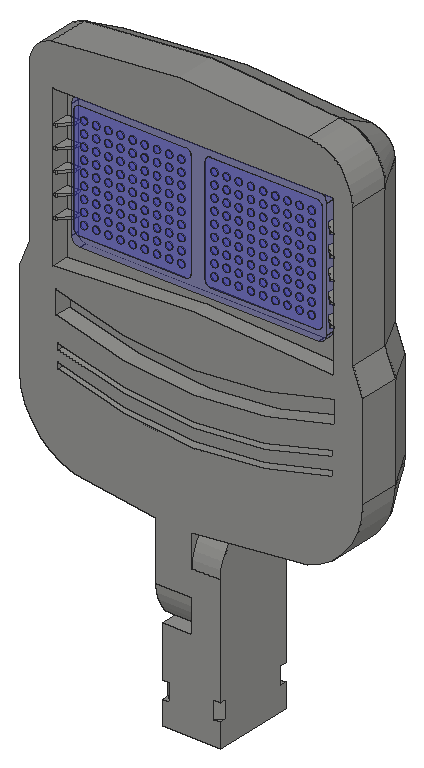
Revit family "VP-1_K", category Lighting Fixtures, host Face, Revit 2019
Family settings
  Host = Face
  Round Connector Dimension = Use Diameter
  Part Type = Normal
  OmniClass Number = 23.80.70.11.14.17
  OmniClass Title = Direct/Indirect
  Cut with Voids When Loaded = No
  Light Source = No
  Shared = Yes
  Room Calculation Point = No
Parameters (values of type "VP-1-K")
  Wattage Comments = "97.2W"
  Warranty = "Five year warranty"  # constant formula
  Voltage = 120 V
  URL = "https://www.currentlighting.com/beacon"
  Type Comments = "Lighting Fixture"  # constant formula
  Product Page URL = "https://www.currentlighting.com/outdoor-lighting/viper-area-size-1/9606403"
  Product Documentation Link = "https://cdn.currentlighting.com/site/specsheet/BEA_VIPERSPEC.pdf"
  Power Factor = 0.9
  Name = "Viper Area Size 1"  # constant formula
  Model = "VP-1-K"
  Matt Grey = MATT GREY
  Matt Black = Matt Black
  Manufacturer = "Current Lighting"  # constant formula
  Load Classification = Lighting
  Light Output = 6297.00 cd/m²
  Lamp = "LED"  # constant formula
  Grey = Grey
  Glass = Glass
  Features = "Featuring two different optical technologies, Micro Strike and Strike Optics, which provide the best distribution patterns for retrofit or new construction\r\nVibration rated for high vibration applications including bridges and overpasses\r\nControl options including photo control, occupancy sensing, NX Lighting Controls, wiSCAPE and 7-Pin with networked controls\r\nMounting options include: Arm, Universal Arm, Adjustable Arm, Mast Arm, Decorative Arm, Knuckle, Trunnion, Wall\r\nDistribution options include: Auto Front Row, Type 2, Type 3, Type 4 Forward, Type 4 Wide, Type 5 Narrow, Type 5 Medium, Type 5 Wide, Type 5 Rectangular, Corner Optic, and Tennis Court\r\n\r\n"  # constant formula
  Copyright = "© 2022 Current Lighting"  # constant formula
  Cool Grey = Cool Grey
  Contact Us = "https://www.currentlighting.com/contact-us"
  Certification = "UL"  # constant formula
  Description = "The Viper is an extremely versatile area/site luminaire which blends design, performance, and technology for a variety of applications."  # constant formula
  Default Elevation = 48.00"
  Finish = Arctic White
  Matt White = Matt White
  CRI = "70"  # constant formula
  Brand = "Beacon"  # constant formula
  Assembly Code = "D5020200"
  Apparent Load = 97.2 VA
Reference planes (in)
  plane 1 "Center (Front/Back)": y = 6.16697
  plane 2: z = 0
  plane 3 "Center (Left/Right)": x = 0
  plane 4: z = 3.75
  plane 5: z = -4.44
  plane 6: x = -1.75
  plane 7: x = 1.75
  plane 8: y = 4.41697
  plane 9: y = 7.91697
  plane 10: z = 120
Lines and regions (in)
  reference lines
    curve 1: line (0, 14.42606, -3.25) -> (0, 17.42606, -0.25)
    curve 2: line (0, -2.09213, -3.25) -> (0, 14.42606, -3.25)
    curve 3: line (0, -5.09213, -0.25) -> (0, -2.09213, -3.25)
    curve 4: line (0, 14.42606, -3.25) -> (0, 17.42606, -0.25)
    curve 5: line (0, -5.09213, -0.25) -> (0, 17.42606, -0.25)
    curve 6: line (0, 17.17606, -0.77432) -> (0, 17.92606, -0.77432)
    curve 7: line (0, 17.17606, -1.52432) -> (0, 17.17606, -0.77432)
    curve 8: line (0, 16.69614, -1.52432) -> (0, 17.17606, -1.52432)
    curve 9: line (0, 14.92606, -4.25) -> (0, 16.69614, -1.52432)
    curve 10: line (0, -4.3622, -1.52432) -> (0, -2.59213, -4.25)
    curve 11: line (0, -4.84213, -1.52432) -> (0, -4.3622, -1.52432)
    curve 12: line (0, -4.84213, -0.77432) -> (0, -4.84213, -1.52432)
    curve 13: line (0, -5.59213, -0.77432) -> (0, -4.84213, -0.77432)
Dimensions and locks (in)
  plane 4 to plane 2 = 3.75"
  plane 8 to plane 9 = 3.50"
  equal spacing: plane 8, plane 1 "Center (Front/Back)", plane 9
  equal spacing: plane 6, plane 3 "Center (Left/Right)", plane 7
  plane 6 to plane 7 = 3.50"
  plane 10 to plane 2 = 120.00"
  aligned and locked: plane 2 to host face
  aligned and locked: level to host face
  aligned and locked: plane 3 "Center (Left/Right)" to nested 1
  aligned and locked: plane 1 "Center (Front/Back)" to nested 1
Automatic sketch dimensions
  host sketch curve to host sketch curve = 96.00"
  host sketch curve to host sketch curve = 85.00"
  curve 3 to level = 0.25"
  plane 8 to curve 3 = 9.50909"
  curve 3 to curve 12 = 0.25"
  curve 11 to curve 11 = 0.47992"
  curve 2 to plane 5 = 1.19"
  curve 10 to curve 2 = 2.27008"
  curve 1 to plane 9 = 6.50909"
  curve 9 to level = 1.52432"
  curve 1 to curve 9 = 2.27008"
  curve 8 to curve 8 = 0.47992"
  curve 6 to curve 4 = 0.25"
  curve 10 to curve 3 = 1.27432"
  curve 7 to curve 1 = 0.52432"
  curve 12 to curve 3 = 0.52432"
  curve 13 to curve 3 = 0.50"
  curve 10 to plane 5 = 0.19"
  curve 10 to curve 2 = 0.50"
  curve 9 to plane 5 = 0.19"
  curve 1 to curve 9 = 0.50"
  curve 1 to curve 6 = 0.50"
Nested families (in)
  nested 1: "SIZE1-K" at (0, 6.16697, 0), type "SIZE1-K"
Connectors (in)
  electrical at (0, 6.16697, 0)
    settings: on nested 1, index 1, voltage 0 V, apparent load 0 VA, apparent load phase1 0 VA, apparent load phase2 0 VA, apparent load phase3 0 VA, power factor 1, load classification "Other", number of poles 1, system type 30, power factor state 1, is connector primary yes, connector utility no, sub classification motor no, connector description ""
Definition of nested family "SIZE1-K"
  Parameters (values of type "SIZE1-K")
    Width = 14.38"
    Wattage = 97.2 W
    built-in parameter 1150110 = 1 (stored number, unit not read)
    built-in parameter 1114217 = 1 (stored number, unit not read)
    Tilt Angle = 160.00°
    built-in parameter 1150109 = 1 (stored number, unit not read)
    built-in parameter 1150134 = 3
    built-in parameter 1150113 = 1 (stored number, unit not read)
    Photometric Web File = "VP-1-160L-100-3K7-4W-BC.ies"
    Mounting Block Width [instance] = 3.00"
    Mount Length = 8.30"
    built-in parameter 1150105 = 502.77 (stored number, unit not read)
    Lumens = 6318 lm
    built-in parameter 1150115 = 1 (stored number, unit not read)
    built-in parameter 1150137 = (empty or 0)
    built-in parameter 1150139 = (empty or 0)
    Length = 16.76"
    built-in parameter 1150112 = 1 (stored number, unit not read)
    built-in parameter 1150114 = 1 (stored number, unit not read)
    built-in parameter 1150132 = (empty or 0)
    built-in parameter 1150102 = (empty or 0)
    built-in parameter 1150107 = 3200 (stored number, unit not read)
    built-in parameter 1150138 = (empty or 0)
    built-in parameter 1150106 = 5.0277 (stored number, unit not read)
    Glass = none
    Fixture = none
    built-in parameter 1150104 = 6.0387 (stored number, unit not read)
    Dimming Lamp Color Temperature Shift = (empty or 0)
    Default Elevation = 48.00"
    Color Filter = 16777215
    built-in parameter 1114218 = 1 (stored number, unit not read)
    built-in parameter 1150133 = 10 (stored number, unit not read)
  Reference planes (in)
    plane 1 "Center (Front/Back)": y = 0
    plane 2: z = 0
    plane 3 "Center (Left/Right)": x = 0
    plane 4: x = 7.19
    plane 5: x = -7.19
    plane 6: z = 8.3
    plane 7: z = 25.06
    plane 8: y = -1.74
    plane 9: y = 1.74
    plane 10: x = -1.5
    plane 11: x = 1.5
  Forms (in)
    Extrusion 1, solid
      sketch origin (0, 0, 0) x (1, 0, 0) y (0, 1, 0)
        loop
          line (-48, 48) -> (-48, -48) -> (48, -48) -> (48, 48) -> (-48, 48)
      from 0 to -12
    Extrusion 2, solid, material <- "Fixture"
      sketch origin (0, 0, 0) x (1, 0, 0) y (0, 0, 1)
        loop
          line (-6.90972, 16.52202) -> (-7.315, 15.47799) -> (-7.315, 11.44521)
          arc (-7.315, 11.44521) -> (-6.65907, 9.48733) -> (-4.95604, 8.31974) r 3.25
          arc (-4.95604, 8.31974) -> (0, 7.81429) -> (4.95604, 8.31974) r 24.55009
          arc (4.95604, 8.31974) -> (6.65907, 9.48733) -> (7.315, 11.44521) r 3.25
          line (7.315, 11.44521) -> (7.315, 15.47799) -> (6.8775, 16.60502) -> (6.8775, 22.64879)
          arc (6.8775, 22.64879) -> (6.32022, 24.03392) -> (4.95893, 24.64714) r 2
          arc (4.95893, 24.64714) -> (-0.50555, 25.00726) -> (-5.96128, 24.53274) r 35.92956
          arc (-5.96128, 24.53274) -> (-6.64447, 24.08958) -> (-6.90972, 23.31966) r 1.25
          line (-6.90972, 23.31966) -> (-6.90972, 16.52202)
      from 0 to 1.74
    Extrusion 3, solid, material <- "Fixture"
      sketch origin (0, 0, 0) x (0, 1, 0) y (0, 0, 1)
        loop
          line (1.74, 0) -> (1.74, 6.43918)
          arc (1.74, 6.43918) -> (0, 8.17918) -> (-1.74, 6.43918) r 1.74
          line (-1.74, 6.43918) -> (-1.74, 0) -> (1.74, 0)
      from -1.24 to 1.24
    Extrusion 4, void
      sketch origin (0, 0, 0) x (1, 0, 0) y (0, 0, 1)
        loop
          arc (-5.91108, 15.93931) -> (0.07703, 16.26105) -> (6.065, 15.93674) r 55.66285
          line (6.065, 15.93674) -> (6.065, 22.74182) -> (-5.91108, 22.74182) -> (-5.91108, 15.93931)
      from 1 to 1.75
    Extrusion 5, solid, material <- "Glass"
      sketch origin (0, 0, -0.25) x (1, 0, 0) y (0, 0, 1)
        loop
          arc (-5.06487, 22.74182) -> (-5.31236, 22.63931) -> (-5.41487, 22.39182) r 0.35
          line (-5.41487, 22.39182) -> (-5.41487, 17.34182)
          arc (-5.41487, 17.34182) -> (-5.31236, 17.09434) -> (-5.06487, 16.99182) r 0.35
          line (-5.06487, 16.99182) -> (5.11803, 16.99182)
          arc (5.11803, 16.99182) -> (5.36552, 17.09434) -> (5.46803, 17.34182) r 0.35
          line (5.46803, 17.34182) -> (5.46803, 22.39182)
          arc (5.46803, 22.39182) -> (5.36552, 22.63931) -> (5.11803, 22.74182) r 0.35
          line (5.11803, 22.74182) -> (-5.06487, 22.74182)
      from 1 to 1.35
    Extrusion 6, solid, material <- "Glass"
      sketch origin (0, 0, -0.25) x (1, 0, 0) y (0, 0, 1)
        loop
          circle (-4.85829, 21.91694) r 0.15
        loop
          circle (-4.33955, 21.91694) r 0.15
        loop
          circle (-3.8208, 21.91694) r 0.15
        loop
          circle (-3.30205, 21.91694) r 0.15
        loop
          circle (-2.7833, 21.91694) r 0.15
        loop
          circle (-2.26455, 21.91694) r 0.15
        loop
          circle (-1.7458, 21.91694) r 0.15
        loop
          circle (-1.22705, 21.91694) r 0.15
        loop
          circle (-0.70831, 21.91694) r 0.15
        loop
          circle (-4.85829, 21.41694) r 0.15
        loop
          circle (-4.33955, 21.41694) r 0.15
        loop
          circle (-3.8208, 21.41694) r 0.15
        loop
          circle (-3.30205, 21.41694) r 0.15
        loop
          circle (-2.7833, 21.41694) r 0.15
        loop
          circle (-2.26455, 21.41694) r 0.15
        loop
          circle (-1.7458, 21.41694) r 0.15
        loop
          circle (-1.22705, 21.41694) r 0.15
        loop
          circle (-0.70831, 21.41694) r 0.15
        loop
          circle (-4.85829, 20.91694) r 0.15
        loop
          circle (-4.33955, 20.91694) r 0.15
        loop
          circle (-3.8208, 20.91694) r 0.15
        loop
          circle (-3.30205, 20.91694) r 0.15
        loop
          circle (-2.7833, 20.91694) r 0.15
        loop
          circle (-2.26455, 20.91694) r 0.15
        loop
          circle (-1.7458, 20.91694) r 0.15
        loop
          circle (-1.22705, 20.91694) r 0.15
        loop
          circle (-0.70831, 20.91694) r 0.15
        loop
          circle (-4.85829, 20.41694) r 0.15
        loop
          circle (-4.33955, 20.41694) r 0.15
        loop
          circle (-3.8208, 20.41694) r 0.15
        loop
          circle (-3.30205, 20.41694) r 0.15
        loop
          circle (-2.7833, 20.41694) r 0.15
        loop
          circle (-2.26455, 20.41694) r 0.15
        loop
          circle (-1.7458, 20.41694) r 0.15
        loop
          circle (-1.22705, 20.41694) r 0.15
        loop
          circle (-0.70831, 20.41694) r 0.15
        loop
          circle (-4.85829, 19.91694) r 0.15
        loop
          circle (-4.33955, 19.91694) r 0.15
        loop
          circle (-3.8208, 19.91694) r 0.15
        loop
          circle (-3.30205, 19.91694) r 0.15
        loop
          circle (-2.7833, 19.91694) r 0.15
        loop
          circle (-2.26455, 19.91694) r 0.15
        loop
          circle (-1.7458, 19.91694) r 0.15
        loop
          circle (-1.22705, 19.91694) r 0.15
        loop
          circle (-0.70831, 19.91694) r 0.15
        loop
          circle (-4.85829, 19.41694) r 0.15
        loop
          circle (-4.33955, 19.41694) r 0.15
        loop
          circle (-3.8208, 19.41694) r 0.15
        loop
          circle (-3.30205, 19.41694) r 0.15
        loop
          circle (-2.7833, 19.41694) r 0.15
        loop
          circle (-2.26455, 19.41694) r 0.15
        loop
          circle (-1.7458, 19.41694) r 0.15
        loop
          circle (-1.22705, 19.41694) r 0.15
        loop
          circle (-0.70831, 19.41694) r 0.15
        loop
          circle (-4.85829, 18.91694) r 0.15
        loop
          circle (-4.33955, 18.91694) r 0.15
        loop
          circle (-3.8208, 18.91694) r 0.15
        loop
          circle (-3.30205, 18.91694) r 0.15
        loop
          circle (-2.7833, 18.91694) r 0.15
        loop
          circle (-2.26455, 18.91694) r 0.15
        loop
          circle (-1.7458, 18.91694) r 0.15
        loop
          circle (-1.22705, 18.91694) r 0.15
        loop
          circle (-0.70831, 18.91694) r 0.15
        loop
          circle (-4.85829, 18.41694) r 0.15
        loop
          circle (-4.33955, 18.41694) r 0.15
        loop
          circle (-3.8208, 18.41694) r 0.15
        loop
          circle (-3.30205, 18.41694) r 0.15
        loop
          circle (-2.7833, 18.41694) r 0.15
        loop
          circle (-2.26455, 18.41694) r 0.15
        loop
          circle (-1.7458, 18.41694) r 0.15
        loop
          circle (-1.22705, 18.41694) r 0.15
        loop
          circle (-0.70831, 18.41694) r 0.15
        loop
          circle (-4.85829, 17.91694) r 0.15
        loop
          circle (-4.33955, 17.91694) r 0.15
        loop
          circle (-3.8208, 17.91694) r 0.15
        loop
          circle (-3.30205, 17.91694) r 0.15
        loop
          circle (-2.7833, 17.91694) r 0.15
        loop
          circle (-2.26455, 17.91694) r 0.15
        loop
          circle (-1.7458, 17.91694) r 0.15
        loop
          circle (-1.22705, 17.91694) r 0.15
        loop
          circle (-0.70831, 17.91694) r 0.15
      from 1.35 to 1.4
    Extrusion 7, solid, material <- "Glass"
      sketch origin (0, 0, -0.25) x (-1, 0, 0) y (0, 0, -1)
        loop
          circle (-4.85829, -21.91694) r 0.15
        loop
          circle (-4.33955, -21.91694) r 0.15
        loop
          circle (-3.8208, -21.91694) r 0.15
        loop
          circle (-3.30205, -21.91694) r 0.15
        loop
          circle (-2.7833, -21.91694) r 0.15
        loop
          circle (-2.26455, -21.91694) r 0.15
        loop
          circle (-1.7458, -21.91694) r 0.15
        loop
          circle (-1.22705, -21.91694) r 0.15
        loop
          circle (-0.70831, -21.91694) r 0.15
        loop
          circle (-4.85829, -21.41694) r 0.15
        loop
          circle (-4.33955, -21.41694) r 0.15
        loop
          circle (-3.8208, -21.41694) r 0.15
        loop
          circle (-3.30205, -21.41694) r 0.15
        loop
          circle (-2.7833, -21.41694) r 0.15
        loop
          circle (-2.26455, -21.41694) r 0.15
        loop
          circle (-1.7458, -21.41694) r 0.15
        loop
          circle (-1.22705, -21.41694) r 0.15
        loop
          circle (-0.70831, -21.41694) r 0.15
        loop
          circle (-4.85829, -20.91694) r 0.15
        loop
          circle (-4.33955, -20.91694) r 0.15
        loop
          circle (-3.8208, -20.91694) r 0.15
        loop
          circle (-3.30205, -20.91694) r 0.15
        loop
          circle (-2.7833, -20.91694) r 0.15
        loop
          circle (-2.26455, -20.91694) r 0.15
        loop
          circle (-1.7458, -20.91694) r 0.15
        loop
          circle (-1.22705, -20.91694) r 0.15
        loop
          circle (-0.70831, -20.91694) r 0.15
        loop
          circle (-4.85829, -20.41694) r 0.15
        loop
          circle (-4.33955, -20.41694) r 0.15
        loop
          circle (-3.8208, -20.41694) r 0.15
        loop
          circle (-3.30205, -20.41694) r 0.15
        loop
          circle (-2.7833, -20.41694) r 0.15
        loop
          circle (-2.26455, -20.41694) r 0.15
        loop
          circle (-1.7458, -20.41694) r 0.15
        loop
          circle (-1.22705, -20.41694) r 0.15
        loop
          circle (-0.70831, -20.41694) r 0.15
        loop
          circle (-4.85829, -19.91694) r 0.15
        loop
          circle (-4.33955, -19.91694) r 0.15
        loop
          circle (-3.8208, -19.91694) r 0.15
        loop
          circle (-3.30205, -19.91694) r 0.15
        loop
          circle (-2.7833, -19.91694) r 0.15
        loop
          circle (-2.26455, -19.91694) r 0.15
        loop
          circle (-1.7458, -19.91694) r 0.15
        loop
          circle (-1.22705, -19.91694) r 0.15
        loop
          circle (-0.70831, -19.91694) r 0.15
        loop
          circle (-4.85829, -19.41694) r 0.15
        loop
          circle (-4.33955, -19.41694) r 0.15
        loop
          circle (-3.8208, -19.41694) r 0.15
        loop
          circle (-3.30205, -19.41694) r 0.15
        loop
          circle (-2.7833, -19.41694) r 0.15
        loop
          circle (-2.26455, -19.41694) r 0.15
        loop
          circle (-1.7458, -19.41694) r 0.15
        loop
          circle (-1.22705, -19.41694) r 0.15
        loop
          circle (-0.70831, -19.41694) r 0.15
        loop
          circle (-4.85829, -18.91694) r 0.15
        loop
          circle (-4.33955, -18.91694) r 0.15
        loop
          circle (-3.8208, -18.91694) r 0.15
        loop
          circle (-3.30205, -18.91694) r 0.15
        loop
          circle (-2.7833, -18.91694) r 0.15
        loop
          circle (-2.26455, -18.91694) r 0.15
        loop
          circle (-1.7458, -18.91694) r 0.15
        loop
          circle (-1.22705, -18.91694) r 0.15
        loop
          circle (-0.70831, -18.91694) r 0.15
        loop
          circle (-4.85829, -18.41694) r 0.15
        loop
          circle (-4.33955, -18.41694) r 0.15
        loop
          circle (-3.8208, -18.41694) r 0.15
        loop
          circle (-3.30205, -18.41694) r 0.15
        loop
          circle (-2.7833, -18.41694) r 0.15
        loop
          circle (-2.26455, -18.41694) r 0.15
        loop
          circle (-1.7458, -18.41694) r 0.15
        loop
          circle (-1.22705, -18.41694) r 0.15
        loop
          circle (-0.70831, -18.41694) r 0.15
        loop
          circle (-4.85829, -17.91694) r 0.15
        loop
          circle (-4.33955, -17.91694) r 0.15
        loop
          circle (-3.8208, -17.91694) r 0.15
        loop
          circle (-3.30205, -17.91694) r 0.15
        loop
          circle (-2.7833, -17.91694) r 0.15
        loop
          circle (-2.26455, -17.91694) r 0.15
        loop
          circle (-1.7458, -17.91694) r 0.15
        loop
          circle (-1.22705, -17.91694) r 0.15
        loop
          circle (-0.70831, -17.91694) r 0.15
      from 1.35 to 1.4
    Extrusion 8, solid, material <- "Glass"
      sketch origin (0, 0, -0.25) x (1, 0, 0) y (0, 0, 1)
        loop
          arc (-5.04655, 22.4209) -> (-5.22333, 22.34768) -> (-5.29655, 22.1709) r 0.25
          line (-5.29655, 22.1709) -> (-5.29655, 17.6709)
          arc (-5.29655, 17.6709) -> (-5.22333, 17.49412) -> (-5.04655, 17.4209) r 0.25
          line (-5.04655, 17.4209) -> (-0.54655, 17.4209)
          arc (-0.54655, 17.4209) -> (-0.36977, 17.49412) -> (-0.29655, 17.6709) r 0.25
          line (-0.29655, 17.6709) -> (-0.29655, 22.1709)
          arc (-0.29655, 22.1709) -> (-0.36977, 22.34768) -> (-0.54655, 22.4209) r 0.25
          line (-0.54655, 22.4209) -> (-5.04655, 22.4209)
      from 1.35 to 1.37213
    Extrusion 9, solid, material <- "Glass"
      sketch origin (0, 0, -0.25) x (-1, 0, 0) y (0, 0, -1)
        loop
          line (-5.04655, -22.4209) -> (-0.54655, -22.4209)
          arc (-0.54655, -22.4209) -> (-0.36977, -22.34768) -> (-0.29655, -22.1709) r 0.25
          line (-0.29655, -22.1709) -> (-0.29655, -17.6709)
          arc (-0.29655, -17.6709) -> (-0.36977, -17.49412) -> (-0.54655, -17.4209) r 0.25
          line (-0.54655, -17.4209) -> (-5.04655, -17.4209)
          arc (-5.04655, -17.4209) -> (-5.22333, -17.49412) -> (-5.29655, -17.6709) r 0.25
          line (-5.29655, -17.6709) -> (-5.29655, -22.1709)
          arc (-5.29655, -22.1709) -> (-5.22333, -22.34768) -> (-5.04655, -22.4209) r 0.25
      from 1.35 to 1.37213
    Extrusion 10, solid, material <- "Fixture"
      sketch origin (0.125, 0, 2.75) x (1, 0, 0) y (0, 1, 0)
        loop
          line (5.34818, -1) -> (5.34818, -1.20146)
          arc (5.34818, -1.20146) -> (5.35492, -1.23973) -> (5.37436, -1.27339) r 0.1119
          line (5.37436, -1.27339) -> (5.73492, -1.70309)
          arc (5.73492, -1.70309) -> (5.76289, -1.72455) -> (5.79732, -1.73219) r 0.08147
          line (5.79732, -1.73219) -> (5.94, -1.73219) -> (5.94, -1) -> (5.34818, -1)
      from 18.55 to 18.65
    Extrusion 11, solid, material <- "Fixture"
      sketch origin (0.125, 0, 1.84761) x (1, 0, 0) y (0, 1, 0)
        loop
          line (5.34818, -1) -> (5.34818, -1.20146)
          arc (5.34818, -1.20146) -> (5.35492, -1.23973) -> (5.37436, -1.27339) r 0.1119
          line (5.37436, -1.27339) -> (5.73492, -1.70309)
          arc (5.73492, -1.70309) -> (5.76289, -1.72455) -> (5.79732, -1.73219) r 0.08147
          line (5.79732, -1.73219) -> (5.94, -1.73219) -> (5.94, -1) -> (5.34818, -1)
      from 18.55 to 18.65
    Extrusion 12, solid, material <- "Fixture"
      sketch origin (0.125, 0, 0.95579) x (1, 0, 0) y (0, 1, 0)
        loop
          line (5.34818, -1) -> (5.34818, -1.20146)
          arc (5.34818, -1.20146) -> (5.35492, -1.23973) -> (5.37436, -1.27339) r 0.1119
          line (5.37436, -1.27339) -> (5.73492, -1.70309)
          arc (5.73492, -1.70309) -> (5.76289, -1.72455) -> (5.79732, -1.73219) r 0.08147
          line (5.79732, -1.73219) -> (5.94, -1.73219) -> (5.94, -1) -> (5.34818, -1)
      from 18.55 to 18.65
    Extrusion 13, solid, material <- "Fixture"
      sketch origin (0.125, 0, 0.06397) x (1, 0, 0) y (0, 1, 0)
        loop
          line (5.34818, -1) -> (5.34818, -1.20146)
          arc (5.34818, -1.20146) -> (5.35492, -1.23973) -> (5.37436, -1.27339) r 0.1119
          line (5.37436, -1.27339) -> (5.73492, -1.70309)
          arc (5.73492, -1.70309) -> (5.76289, -1.72455) -> (5.79732, -1.73219) r 0.08147
          line (5.79732, -1.73219) -> (5.94, -1.73219) -> (5.94, -1) -> (5.34818, -1)
      from 18.55 to 18.65
    Extrusion 14, solid, material <- "Fixture"
      sketch origin (0.125, 0, -0.82681) x (1, 0, 0) y (0, 1, 0)
        loop
          line (5.34818, -1) -> (5.34818, -1.20146)
          arc (5.34818, -1.20146) -> (5.35492, -1.23973) -> (5.37436, -1.27339) r 0.1119
          line (5.37436, -1.27339) -> (5.73492, -1.70309)
          arc (5.73492, -1.70309) -> (5.76289, -1.72455) -> (5.79732, -1.73219) r 0.08147
          line (5.79732, -1.73219) -> (5.94, -1.73219) -> (5.94, -1) -> (5.34818, -1)
      from 18.55 to 18.65
    Extrusion 15, solid, material <- "Fixture"
      sketch origin (0, 0, 2.75) x (-1, 0, 0) y (0, -1, 0)
        loop
          line (5.34818, 1) -> (5.94, 1) -> (5.94, 1.73219) -> (5.79732, 1.73219)
          arc (5.79732, 1.73219) -> (5.76289, 1.72455) -> (5.73492, 1.70309) r 0.08147
          line (5.73492, 1.70309) -> (5.37436, 1.27339)
          arc (5.37436, 1.27339) -> (5.35492, 1.23973) -> (5.34818, 1.20146) r 0.1119
          line (5.34818, 1.20146) -> (5.34818, 1)
      from 18.55 to 18.65
    Extrusion 16, solid, material <- "Fixture"
      sketch origin (0, 0, 1.84761) x (-1, 0, 0) y (0, -1, 0)
        loop
          line (5.34818, 1) -> (5.94, 1) -> (5.94, 1.73219) -> (5.79732, 1.73219)
          arc (5.79732, 1.73219) -> (5.76289, 1.72455) -> (5.73492, 1.70309) r 0.08147
          line (5.73492, 1.70309) -> (5.37436, 1.27339)
          arc (5.37436, 1.27339) -> (5.35492, 1.23973) -> (5.34818, 1.20146) r 0.1119
          line (5.34818, 1.20146) -> (5.34818, 1)
      from 18.55 to 18.65
    Extrusion 17, solid, material <- "Fixture"
      sketch origin (0, 0, 0.95579) x (-1, 0, 0) y (0, -1, 0)
        loop
          line (5.34818, 1) -> (5.94, 1) -> (5.94, 1.73219) -> (5.79732, 1.73219)
          arc (5.79732, 1.73219) -> (5.76289, 1.72455) -> (5.73492, 1.70309) r 0.08147
          line (5.73492, 1.70309) -> (5.37436, 1.27339)
          arc (5.37436, 1.27339) -> (5.35492, 1.23973) -> (5.34818, 1.20146) r 0.1119
          line (5.34818, 1.20146) -> (5.34818, 1)
      from 18.55 to 18.65
    Extrusion 18, solid, material <- "Fixture"
      sketch origin (0, 0, 0.06397) x (-1, 0, 0) y (0, -1, 0)
        loop
          line (5.34818, 1) -> (5.94, 1) -> (5.94, 1.73219) -> (5.79732, 1.73219)
          arc (5.79732, 1.73219) -> (5.76289, 1.72455) -> (5.73492, 1.70309) r 0.08147
          line (5.73492, 1.70309) -> (5.37436, 1.27339)
          arc (5.37436, 1.27339) -> (5.35492, 1.23973) -> (5.34818, 1.20146) r 0.1119
          line (5.34818, 1.20146) -> (5.34818, 1)
      from 18.55 to 18.65
    Extrusion 19, solid, material <- "Fixture"
      sketch origin (0, 0, -0.82681) x (-1, 0, 0) y (0, -1, 0)
        loop
          line (5.34818, 1) -> (5.94, 1) -> (5.94, 1.73219) -> (5.79732, 1.73219)
          arc (5.79732, 1.73219) -> (5.76289, 1.72455) -> (5.73492, 1.70309) r 0.08147
          line (5.73492, 1.70309) -> (5.37436, 1.27339)
          arc (5.37436, 1.27339) -> (5.35492, 1.23973) -> (5.34818, 1.20146) r 0.1119
          line (5.34818, 1.20146) -> (5.34818, 1)
      from 18.55 to 18.65
    Extrusion 20, void
      sketch origin (0.16486, 0, 5.1993) x (1, 0, 0) y (0, 0, 1)
        loop
          line (-5.94707, 9.88637) -> (-5.94707, 8.88637)
          arc (-5.94707, 8.88637) -> (-0.00354, 7.88584) -> (5.94, 8.88637) r 18.15382
          line (5.94, 8.88637) -> (5.94, 9.88637)
          arc (5.94, 9.88637) -> (-0.00354, 8.88584) -> (-5.94707, 9.88637) r 18.15382
        loop
          line (-5.85535, 7.87828) -> (-5.85535, 7.60486)
          arc (-5.85535, 7.60486) -> (0.0002, 6.63584) -> (5.85535, 7.60727) r 18.15382
          line (5.85535, 7.60727) -> (5.85535, 7.88068)
          arc (5.85535, 7.88068) -> (0.0002, 6.91466) -> (-5.85535, 7.87828) r 18.25
        loop
          line (-5.85535, 7.12828) -> (-5.85535, 6.85486)
          arc (-5.85535, 6.85486) -> (0.0002, 5.88584) -> (5.85535, 6.85727) r 18.15382
          line (5.85535, 6.85727) -> (5.85535, 7.13068)
          arc (5.85535, 7.13068) -> (0.0002, 6.16466) -> (-5.85535, 7.12828) r 18.25
      from 1 to 1.75
    Blend 21, solid, material <- "Fixture"
      base sketch origin (0, 0, 0) x (1, 0, 0) y (0, 0, 1)
        loop
          arc (6.8775, 22.64879) -> (6.31798, 24.03624) -> (4.95249, 24.64739) r 2
          arc (4.95249, 24.64739) -> (-0.51269, 25.00653) -> (-5.96896, 24.53081) r 35.9289
          arc (-5.96896, 24.53081) -> (-6.6469, 24.08646) -> (-6.90972, 23.31966) r 1.25
          line (-6.90972, 23.31966) -> (-6.90972, 16.52202) -> (-7.315, 15.47799) -> (-7.315, 11.44521)
          arc (-7.315, 11.44521) -> (-6.65907, 9.48733) -> (-4.95604, 8.31974) r 3.25
          arc (-4.95604, 8.31974) -> (0, 7.81429) -> (4.95604, 8.31974) r 24.55009
          arc (4.95604, 8.31974) -> (6.65907, 9.48733) -> (7.315, 11.44521) r 3.25
          line (7.315, 11.44521) -> (7.315, 15.47799) -> (6.8775, 16.60502) -> (6.8775, 22.64879)
      top sketch origin (0, 0, 0) x (1, 0, 0) y (0, 0, 1)
        loop
          arc (5.8775, 22.64879) -> (5.59173, 23.34871) -> (4.89775, 23.64859) r 1
          arc (4.89775, 23.64859) -> (-0.41657, 24.011) -> (-5.72421, 23.5612) r 34.93251
          arc (-5.72421, 23.5612) -> (-5.85799, 23.47194) -> (-5.90972, 23.31966) r 0.25
          line (-5.90972, 23.31966) -> (-5.90972, 16.33474) -> (-6.315, 15.29071) -> (-6.315, 11.44521)
          arc (-6.315, 11.44521) -> (-5.87115, 10.10345) -> (-4.71471, 9.29106) r 2.25
          arc (-4.71471, 9.29106) -> (0, 8.81429) -> (4.71471, 9.29106) r 23.55009
          arc (4.71471, 9.29106) -> (5.87115, 10.10345) -> (6.315, 11.44521) r 2.25
          line (6.315, 11.44521) -> (6.315, 15.29071) -> (5.8775, 16.41774) -> (5.8775, 22.64879)
      from 0 to -1.74
    Extrusion 22, solid, material <- "Fixture"
      sketch origin (0, 0, 0) x (0, 1, 0) y (0, 0, 1)
        loop
          line (1.74, 8.81429) -> (-1.74, 8.81429) -> (-1.74, 5.31429)
          arc (-1.74, 5.31429) -> (0, 3.57429) -> (1.74, 5.31429) r 1.74
          line (1.74, 5.31429) -> (1.74, 8.81429)
      from -1.5 to 0
    Extrusion 23, void
      sketch origin (0, 0, 0) x (1, 0, 0) y (0, 0, 1)
        loop
          line (-1.5, 8.3) -> (-1.5, 3.90812) -> (0, 3.90812) -> (0, 8.3) -> (-1.5, 8.3)
      from -1.84653 to 1.9488
    Extrusion 24, void
      sketch origin (0, 0, 0) x (1, 0, 0) y (0, 1, 0)
        loop
          line (0.84352, 1.83879) -> (1.27235, 1.40996) -> (1.4375, 1.40996) -> (1.4375, 1.83879) -> (0.84352, 1.83879)
        loop
          line (-0.84352, 1.83879) -> (-1.4375, 1.83879) -> (-1.4375, 1.40996) -> (-1.27235, 1.40996) -> (-0.84352, 1.83879)
        loop
          line (0.84352, -1.83879) -> (1.4375, -1.83879) -> (1.4375, -1.40996) -> (1.27235, -1.40996) -> (0.84352, -1.83879)
        loop
          line (-0.84352, -1.83879) -> (-1.27235, -1.40996) -> (-1.4375, -1.40996) -> (-1.4375, -1.83879) -> (-0.84352, -1.83879)
      from 1 to 1.75
  Cuts and joins
    Extrusion 4, Extrusion 20, Extrusion 24 cuts Extrusion 2
    Extrusion 4, Extrusion 20, Extrusion 23, Extrusion 24 cuts Extrusion 3
    Extrusion 24 cuts Extrusion 22
    joined: Extrusion 2, Extrusion 3, Extrusion 22
  Dimensions and locks (in)
    equal spacing: plane 4, plane 3 "Center (Left/Right)", plane 5
    "Width": plane 4 to plane 5
    "Length": plane 7 to plane 6
    "Mount Length": plane 6 to plane 2
    equal spacing: plane 10, plane 3 "Center (Left/Right)", plane 11
    "Mounting Block Width": plane 10 to plane 11
    aligned and locked: plane 2 to Extrusion 1
    aligned and locked: level to Extrusion 1
  Automatic sketch dimensions
    Extrusion 1 sketch curve to Extrusion 1 sketch curve = 96.00"  (x2)
    Extrusion 2 sketch curve to plane 3 "Center (Left/Right)" = 0.00"
    Extrusion 2 sketch curve to plane 3 "Center (Left/Right)" = 0.12919"
    plane 5 to Extrusion 2 sketch curve = 3.125"
    plane 5 to Extrusion 2 sketch curve = 1.53028"
    plane 5 to Extrusion 2 sketch curve = 0.28028"
    Extrusion 2 sketch curve to plane 5 = 0.125"
    Extrusion 2 sketch curve to plane 4 = 3.125"
    Extrusion 2 sketch curve to plane 4 = 2.3125"
    Extrusion 2 sketch curve to plane 4 = 0.3125"
    plane 4 to Extrusion 2 sketch curve = 0.125"
    Extrusion 2 sketch curve to level = 10.92033"
    plane 6 to Extrusion 2 sketch curve = 3.14521"
    Extrusion 2 sketch curve to Extrusion 2 sketch curve = 0.00"
    Extrusion 2 sketch curve to Extrusion 2 sketch curve = 4.03278"  (x2)
    Extrusion 2 sketch curve to Extrusion 2 sketch curve = 1.04403"
    Extrusion 2 sketch curve to Extrusion 2 sketch curve = 1.12703"
    Extrusion 2 sketch curve to plane 7 = 2.41121"
    Extrusion 2 sketch curve to Extrusion 2 sketch curve = 6.79764"
    plane 7 to Extrusion 2 sketch curve = 7.30438"
    plane 6 to Extrusion 2 sketch curve = 0.01974"
    Extrusion 2 sketch curve to plane 7 = 0.52726"
    plane 5 to Extrusion 4 sketch curve = 1.27892"
    plane 3 "Center (Left/Right)" to Extrusion 4 sketch curve = 0.06506"
    Extrusion 4 sketch curve to plane 4 = 1.125"
    Extrusion 4 sketch curve to level = 39.4018"
    plane 6 to Extrusion 4 sketch curve = 7.63674"
    Extrusion 4 sketch curve to plane 7 = 2.31818"
    plane 5 to Extrusion 5 sketch curve = 1.77513"
    Extrusion 5 sketch curve to Extrusion 5 sketch curve = 0.35"  (x3)
    Extrusion 5 sketch curve to plane 4 = 2.07197"  (x2)
    Extrusion 5 sketch curve to plane 7 = 8.31818"
    Extrusion 5 sketch curve to plane 7 = 2.91818"
    plane 5 to Extrusion 6 sketch curve = 2.33171"
    Extrusion 6 sketch curve to Extrusion 6 sketch curve = 0.00"  (x61)
    Extrusion 6 sketch curve to Extrusion 6 sketch curve = 0.51875"  (x27)
    Extrusion 6 sketch curve to plane 7 = 7.39306"
    Extrusion 6 sketch curve to Extrusion 6 sketch curve = 0.50"  (x72)
    plane 4 to Extrusion 7 sketch curve = 2.33171"
    Extrusion 7 sketch curve to Extrusion 7 sketch curve = 0.00"  (x61)
    Extrusion 7 sketch curve to Extrusion 7 sketch curve = 0.51875"  (x27)
    plane 7 to Extrusion 7 sketch curve = 7.39306"
    Extrusion 7 sketch curve to Extrusion 7 sketch curve = 0.50"  (x72)
    plane 5 to Extrusion 8 sketch curve = 1.89345"
    Extrusion 8 sketch curve to Extrusion 8 sketch curve = 0.25"  (x3)
    Extrusion 8 sketch curve to plane 3 "Center (Left/Right)" = 0.54655"  (x2)
    Extrusion 8 sketch curve to plane 7 = 7.8891"
    Extrusion 8 sketch curve to plane 7 = 3.1391"
    plane 4 to Extrusion 9 sketch curve = 1.89345"
    Extrusion 9 sketch curve to Extrusion 9 sketch curve = 0.25"  (x3)
    Extrusion 9 sketch curve to plane 3 "Center (Left/Right)" = 0.54655"  (x2)
    plane 7 to Extrusion 9 sketch curve = 7.8891"
    plane 7 to Extrusion 9 sketch curve = 3.1391"
    Extrusion 10 sketch curve to plane 4 = 1.71682"
    Extrusion 10 sketch curve to plane 8 = 0.46661"
    Extrusion 10 sketch curve to Extrusion 10 sketch curve = 0.02618"
    Extrusion 10 sketch curve to Extrusion 10 sketch curve = 0.1119"
    Extrusion 10 sketch curve to plane 8 = 0.03691"
    Extrusion 10 sketch curve to Extrusion 10 sketch curve = 0.36056"
    Extrusion 10 sketch curve to plane 8 = 0.00781"
    Extrusion 10 sketch curve to Extrusion 10 sketch curve = 0.06241"
    Extrusion 10 sketch curve to Extrusion 10 sketch curve = 0.47992"
    Extrusion 10 sketch curve to Extrusion 10 sketch curve = 0.20146"
    Extrusion 11 sketch curve to plane 4 = 1.71682"
    Extrusion 11 sketch curve to plane 8 = 0.46661"
    Extrusion 11 sketch curve to Extrusion 11 sketch curve = 0.02618"
    Extrusion 11 sketch curve to Extrusion 11 sketch curve = 0.1119"
    Extrusion 11 sketch curve to plane 8 = 0.03691"
    Extrusion 11 sketch curve to Extrusion 11 sketch curve = 0.36056"
    Extrusion 11 sketch curve to plane 8 = 0.00781"
    Extrusion 11 sketch curve to Extrusion 11 sketch curve = 0.06241"
    Extrusion 11 sketch curve to Extrusion 11 sketch curve = 0.47992"
    Extrusion 11 sketch curve to Extrusion 11 sketch curve = 0.20146"
    Extrusion 12 sketch curve to plane 4 = 1.71682"
    Extrusion 12 sketch curve to plane 8 = 0.46661"
    Extrusion 12 sketch curve to Extrusion 12 sketch curve = 0.02618"
    Extrusion 12 sketch curve to Extrusion 12 sketch curve = 0.1119"
    Extrusion 12 sketch curve to plane 8 = 0.03691"
    Extrusion 12 sketch curve to Extrusion 12 sketch curve = 0.36056"
    Extrusion 12 sketch curve to plane 8 = 0.00781"
    Extrusion 12 sketch curve to Extrusion 12 sketch curve = 0.06241"
    Extrusion 12 sketch curve to Extrusion 12 sketch curve = 0.47992"
    Extrusion 12 sketch curve to Extrusion 12 sketch curve = 0.20146"
    Extrusion 13 sketch curve to plane 4 = 1.71682"
    Extrusion 13 sketch curve to plane 8 = 0.46661"
    Extrusion 13 sketch curve to Extrusion 13 sketch curve = 0.02618"
    Extrusion 13 sketch curve to Extrusion 13 sketch curve = 0.1119"
    Extrusion 13 sketch curve to plane 8 = 0.03691"
    Extrusion 13 sketch curve to Extrusion 13 sketch curve = 0.36056"
    Extrusion 13 sketch curve to plane 8 = 0.00781"
    Extrusion 13 sketch curve to Extrusion 13 sketch curve = 0.06241"
    Extrusion 13 sketch curve to Extrusion 13 sketch curve = 0.47992"
    Extrusion 13 sketch curve to Extrusion 13 sketch curve = 0.20146"
    Extrusion 14 sketch curve to plane 4 = 1.71682"
    Extrusion 14 sketch curve to plane 8 = 0.46661"
    Extrusion 14 sketch curve to Extrusion 14 sketch curve = 0.02618"
    Extrusion 14 sketch curve to Extrusion 14 sketch curve = 0.1119"
    Extrusion 14 sketch curve to plane 8 = 0.03691"
    Extrusion 14 sketch curve to Extrusion 14 sketch curve = 0.36056"
    Extrusion 14 sketch curve to plane 8 = 0.00781"
    Extrusion 14 sketch curve to Extrusion 14 sketch curve = 0.06241"
    Extrusion 14 sketch curve to Extrusion 14 sketch curve = 0.47992"
    Extrusion 14 sketch curve to Extrusion 14 sketch curve = 0.20146"
    Extrusion 15 sketch curve to plane 5 = 1.84182"
    plane 8 to Extrusion 15 sketch curve = 0.46661"
    Extrusion 15 sketch curve to Extrusion 15 sketch curve = 0.02618"
    Extrusion 15 sketch curve to Extrusion 15 sketch curve = 0.1119"
    plane 8 to Extrusion 15 sketch curve = 0.03691"
    Extrusion 15 sketch curve to Extrusion 15 sketch curve = 0.36056"
    plane 8 to Extrusion 15 sketch curve = 0.00781"
    Extrusion 15 sketch curve to Extrusion 15 sketch curve = 0.06241"
    Extrusion 15 sketch curve to Extrusion 15 sketch curve = 0.47992"
    Extrusion 15 sketch curve to Extrusion 15 sketch curve = 0.20146"
    plane 5 to Extrusion 16 sketch curve = 1.84182"
    Extrusion 16 sketch curve to plane 8 = 0.46661"
    Extrusion 16 sketch curve to Extrusion 16 sketch curve = 0.02618"
    Extrusion 16 sketch curve to Extrusion 16 sketch curve = 0.1119"
    Extrusion 16 sketch curve to plane 8 = 0.03691"
    Extrusion 16 sketch curve to Extrusion 16 sketch curve = 0.36056"
    Extrusion 16 sketch curve to plane 8 = 0.00781"
    Extrusion 16 sketch curve to Extrusion 16 sketch curve = 0.06241"
    Extrusion 16 sketch curve to Extrusion 16 sketch curve = 0.47992"
    Extrusion 16 sketch curve to Extrusion 16 sketch curve = 0.20146"
    plane 5 to Extrusion 17 sketch curve = 1.84182"
    Extrusion 17 sketch curve to plane 8 = 0.46661"
    Extrusion 17 sketch curve to Extrusion 17 sketch curve = 0.02618"
    Extrusion 17 sketch curve to Extrusion 17 sketch curve = 0.1119"
    Extrusion 17 sketch curve to plane 8 = 0.03691"
    Extrusion 17 sketch curve to Extrusion 17 sketch curve = 0.36056"
    Extrusion 17 sketch curve to plane 8 = 0.00781"
    Extrusion 17 sketch curve to Extrusion 17 sketch curve = 0.06241"
    Extrusion 17 sketch curve to Extrusion 17 sketch curve = 0.47992"
    Extrusion 17 sketch curve to Extrusion 17 sketch curve = 0.20146"
    plane 5 to Extrusion 18 sketch curve = 1.84182"
    Extrusion 18 sketch curve to plane 8 = 0.46661"
    Extrusion 18 sketch curve to Extrusion 18 sketch curve = 0.02618"
    Extrusion 18 sketch curve to Extrusion 18 sketch curve = 0.1119"
    Extrusion 18 sketch curve to plane 8 = 0.03691"
    Extrusion 18 sketch curve to Extrusion 18 sketch curve = 0.36056"
    Extrusion 18 sketch curve to plane 8 = 0.00781"
    Extrusion 18 sketch curve to Extrusion 18 sketch curve = 0.06241"
    Extrusion 18 sketch curve to Extrusion 18 sketch curve = 0.47992"
    Extrusion 18 sketch curve to Extrusion 18 sketch curve = 0.20146"
    plane 5 to Extrusion 19 sketch curve = 1.84182"
    Extrusion 19 sketch curve to plane 8 = 0.46661"
    Extrusion 19 sketch curve to Extrusion 19 sketch curve = 0.02618"
    Extrusion 19 sketch curve to Extrusion 19 sketch curve = 0.1119"
    Extrusion 19 sketch curve to plane 8 = 0.03691"
    Extrusion 19 sketch curve to Extrusion 19 sketch curve = 0.36056"
    Extrusion 19 sketch curve to plane 8 = 0.00781"
    Extrusion 19 sketch curve to Extrusion 19 sketch curve = 0.06241"
    Extrusion 19 sketch curve to Extrusion 19 sketch curve = 0.47992"
    Extrusion 19 sketch curve to Extrusion 19 sketch curve = 0.20146"
    plane 5 to Extrusion 20 sketch curve = 1.40779"
    plane 5 to Extrusion 20 sketch curve = 1.49951"
    Extrusion 20 sketch curve to Extrusion 20 sketch curve = 0.00"  (x2)
    plane 3 "Center (Left/Right)" to Extrusion 20 sketch curve = 0.16132"  (x6)
    Extrusion 20 sketch curve to plane 4 = 1.1698"
    Extrusion 20 sketch curve to plane 4 = 1.08514"
    plane 6 to Extrusion 20 sketch curve = 3.75416"
    Extrusion 20 sketch curve to Extrusion 20 sketch curve = 0.00241"
    Extrusion 20 sketch curve to Extrusion 20 sketch curve = 0.27343"  (x2)
    Extrusion 20 sketch curve to Extrusion 20 sketch curve = 0.27341"  (x2)
    Extrusion 20 sketch curve to Extrusion 20 sketch curve = 0.47657"
    Extrusion 20 sketch curve to Extrusion 20 sketch curve = 0.47659"
    Extrusion 20 sketch curve to Extrusion 20 sketch curve = 1.00808"
    Extrusion 20 sketch curve to Extrusion 20 sketch curve = 1.00"  (x2)
    Extrusion 20 sketch curve to Extrusion 20 sketch curve = 0.875"
    Blend 21 sketch curve to plane 3 "Center (Left/Right)" = 0.00"  (x2)
    Blend 21 sketch curve to plane 3 "Center (Left/Right)" = 0.12919"  (x2)
    plane 5 to Blend 21 sketch curve = 3.125"  (x2)
    plane 5 to Blend 21 sketch curve = 1.53028"  (x2)
    plane 5 to Blend 21 sketch curve = 0.28028"
    Blend 21 sketch curve to plane 5 = 0.125"
    Blend 21 sketch curve to plane 4 = 3.125"  (x2)
    Blend 21 sketch curve to plane 4 = 2.3125"  (x2)
    Blend 21 sketch curve to plane 4 = 0.3125"
    plane 4 to Blend 21 sketch curve = 0.125"
    Blend 21 sketch curve to level = 10.92033"  (x2)
    plane 6 to Blend 21 sketch curve = 3.14521"  (x2)
    Blend 21 sketch curve to Blend 21 sketch curve = 0.00"  (x2)
    Blend 21 sketch curve to Blend 21 sketch curve = 4.03278"  (x2)
    Blend 21 sketch curve to Blend 21 sketch curve = 1.04403"  (x2)
    Blend 21 sketch curve to Blend 21 sketch curve = 1.12703"  (x2)
    Blend 21 sketch curve to plane 7 = 2.41121"  (x2)
    Blend 21 sketch curve to Blend 21 sketch curve = 6.79764"
    plane 7 to Blend 21 sketch curve = 7.30438"  (x2)
    plane 6 to Blend 21 sketch curve = 0.01974"
    Blend 21 sketch curve to plane 7 = 0.52919"
    Blend 21 sketch curve to Blend 21 sketch curve = 0.25"
    plane 5 to Blend 21 sketch curve = 0.875"
    Blend 21 sketch curve to plane 4 = 1.3125"
    Blend 21 sketch curve to plane 4 = 0.875"
    Blend 21 sketch curve to Blend 21 sketch curve = 3.8455"  (x2)
    Blend 21 sketch curve to Blend 21 sketch curve = 6.98493"
    plane 6 to Blend 21 sketch curve = 0.99106"
    Blend 21 sketch curve to Blend 21 sketch curve = 0.06449"
    Extrusion 3 sketch curve to plane 1 "Center (Front/Back)" = 0.00"
    Extrusion 3 sketch curve to level = 0.00"
    Extrusion 3 sketch curve to plane 6 = 1.86082"
    Extrusion 22 sketch curve to plane 8 = 0.00"
    Extrusion 22 sketch curve to plane 9 = 0.00"
    Extrusion 22 sketch curve to plane 6 = 2.98571"
    plane 6 to Extrusion 22 sketch curve = 0.51429"
    Extrusion 23 sketch curve to plane 10 = 0.00"
    Extrusion 23 sketch curve to plane 3 "Center (Left/Right)" = 0.00"
    Extrusion 23 sketch curve to plane 6 = 0.00"
    level to Extrusion 23 sketch curve = 3.90812"
    Extrusion 3 sketch curve to plane 8 = 0.00"
    plane 10 to Extrusion 24 sketch curve = 0.0625"  (x2)
    Extrusion 24 sketch curve to plane 11 = 0.0625"  (x2)
    Extrusion 24 sketch curve to Extrusion 24 sketch curve = 0.16515"  (x2)
    Extrusion 24 sketch curve to plane 9 = 0.09879"  (x2)
    Extrusion 24 sketch curve to Extrusion 24 sketch curve = 0.59398"  (x2)
    plane 8 to Extrusion 24 sketch curve = 0.09879"  (x2)
    Extrusion 24 sketch curve to plane 11 = 0.65648"  (x2)
    Extrusion 24 sketch curve to plane 11 = 0.22765"  (x2)
    Extrusion 24 sketch curve to plane 8 = 0.33004"  (x2)
    plane 9 to Extrusion 24 sketch curve = 0.33004"  (x2)
    radius of Extrusion 6 sketch curve = 0.15"  (x81)
    radius of Extrusion 7 sketch curve = 0.15"  (x81)
